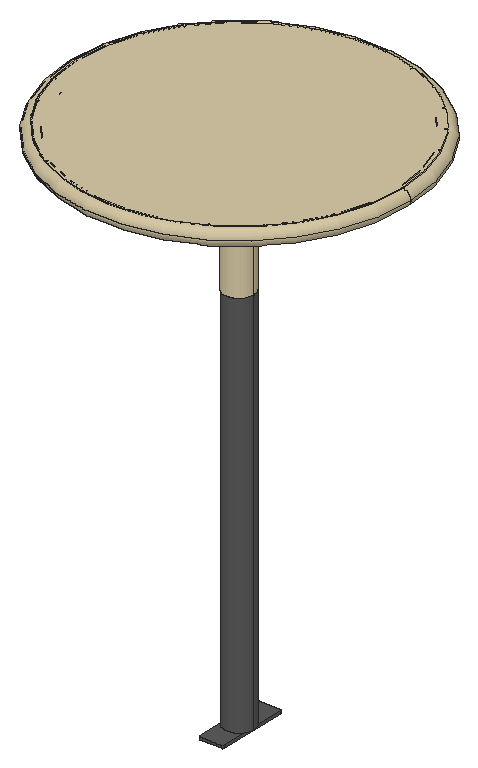
Revit family "1406-F", category Meble, Revit 2021
Family settings
  Numer OmniClass = 23.40.20.00
  Tytuł OmniClass = General Furniture and Specialties
  Oparty na płaszczyźnie roboczej = Nie
  Zawsze pionowo = Tak
  Tnij formami wycięć po wczytaniu = Nie
  Współdzielony = Nie
  Punkt obliczania pomieszczeń = Nie
Parameters (values of type "Sydhavn")
  metal = Mobilis Design RAL 1000
  Width = "70 cm"
  Weight = "25 kg"
  URL = ""
  Product Line = "Phoenix"
  Product Groups = ""
  Manufacturer = ""
  Keynote = ""
  Description = ""
  Model = "1406-F"
  Material = ""
  Maintenance = ""
  Lenght = "70 cm"
  Type Comments = ""
  Mobilis Design Materials = ""
  Hosted on = ""
  Height = "30 cm"
  Domyślna rzędna = 0 mm
  Copyright = "All designs and drawings are the common intellectual property of Lars Laj A/S and Tress and are protected by Danish and international copyright laws."
Reference planes
  plane 1: z = 0
  plane 2 "Środek (Lewa/Prawa)": x = 0
  plane 3 "Góra": z = 1062.347
  plane 4 "Środek": y = 257.204
Forms (mm)
  Extrusion 1, solid, material "Mobilis Design RAL 1000" <- "metal", not visible
    sketch origin (0, 0, 0) x (0, 1, 0) y (0, 0, 1)
      loop
        arc (71.187, 451.5) -> (57.045, 445.642) -> (51.187, 431.5) r 20
        line (51.187, 431.5) -> (51.187, 18.231)
        arc (51.187, 18.231) -> (56.527, 5.34) -> (69.418, 0) r 18.231
        line (69.418, 0) -> (153.638, 0) -> (153.638, 15) -> (448.638, 15) -> (448.638, 0) -> (527.023, 0)
        arc (527.023, 0) -> (542.307, 6.331) -> (548.638, 21.615) r 21.615
        line (548.638, 21.615) -> (548.638, 429.407)
        arc (548.638, 429.407) -> (542.168, 445.029) -> (526.545, 451.5) r 22.093
        line (526.545, 451.5) -> (71.187, 451.5)
    from 750.378 to 745
  Extrusion 2, solid, material "Mobilis Design RAL 1000" <- "metal", not visible
    sketch origin (0, 0, 0) x (0, 1, 0) y (0, 0, 1)
      loop
        line (548.638, 396.844) -> (629.375, 854.725) -> (601.836, 859.581)
        arc (601.836, 859.581) -> (585.224, 855.898) -> (576.082, 841.547) r 22.232
        line (576.082, 841.547) -> (507.306, 451.5) -> (526.545, 451.5)
        arc (526.545, 451.5) -> (542.168, 445.029) -> (548.638, 429.407) r 22.093
        line (548.638, 429.407) -> (548.638, 396.844)
    from 745 to 750.378
  Extrusion 3, solid, material "Mobilis Design RAL 1000" <- "metal"
    sketch origin (396.607, -18.452, 868.765) x (0, -1, 0) y (1, 0, 0)
      loop
        circle (-275.327, -399.004) r 30.15
      loop
        circle (-275.327, -399.004) r 28.15
    from -599.765 to -868.765
  Extrusion 4, solid, material "Painted Black"
    sketch origin (695.879, -21.874, 0) x (1, 0, 0) y (0, 1, 0)
      loop
        line (-722.97, 354.396) -> (-722.97, 210.396)
        arc (-722.97, 210.396) -> (-722.091, 208.274) -> (-719.97, 207.396) r 3
        line (-719.97, 207.396) -> (-675.97, 207.396)
        arc (-675.97, 207.396) -> (-673.849, 208.274) -> (-672.97, 210.396) r 3
        line (-672.97, 210.396) -> (-672.97, 354.396)
        arc (-672.97, 354.396) -> (-673.849, 356.517) -> (-675.97, 357.396) r 3
        line (-675.97, 357.396) -> (-719.97, 357.396)
        arc (-719.97, 357.396) -> (-722.091, 356.517) -> (-722.97, 354.396) r 3
    from -800 to -795
  Extrusion 5, solid, material "Painted Black"
    sketch origin (396.607, -17.202, 868.765) x (1, 0, 0) y (0, 1, 0)
      loop
        circle (-399.004, 275.327) r 30.15
      loop
        circle (-399.004, 275.327) r 28.15
    from -868.765 to -1663.765
  Extrusion 6, solid, material "Mobilis Design RAL 1000" <- "metal"
    sketch origin (581.466, 257.204, -150.938) x (-1, 0, 0) y (0, 0, 1)
      loop
        line (608.966, 447.188) -> (558.966, 447.188) -> (558.966, 417.188) -> (608.966, 417.188) -> (608.966, 447.188)
      loop
        line (606.966, 445.188) -> (560.966, 445.188) -> (560.966, 419.188) -> (606.966, 419.188) -> (606.966, 445.188)
    from -313.886 to 318.714
  Extrusion 7, solid, material "Kobenhagen RAL 5012", not visible
    sketch origin (-110.268, -19.702, 0) x (0, -1, 0) y (1, 0, 0)
      loop
        circle (-275.327, -399.004) r 30.15
      loop
        circle (-275.327, -399.004) r 28.15
    from 444.1 to 0
  Extrusion 8, solid, material "Kobenhagen RAL 5012", not visible
    sketch origin (239.004, -16.847, 0) x (1, 0, 0) y (0, 1, 0)
      loop
        line (-699.004, 325.327) -> (-799.004, 325.327) -> (-799.004, 225.327) -> (-699.004, 225.327) -> (-699.004, 325.327)
    from 447.05 to 443.488
  Extrusion 9, solid, material "Painted Black", not visible
    sketch origin (189.004, -23.124, 0) x (1, 0, 0) y (0, 1, 0)
      loop
        line (-722.97, 354.396) -> (-722.97, 210.396)
        arc (-722.97, 210.396) -> (-722.091, 208.274) -> (-719.97, 207.396) r 3
        line (-719.97, 207.396) -> (-675.97, 207.396)
        arc (-675.97, 207.396) -> (-673.849, 208.274) -> (-672.97, 210.396) r 3
        line (-672.97, 210.396) -> (-672.97, 354.396)
        arc (-672.97, 354.396) -> (-673.849, 356.517) -> (-675.97, 357.396) r 3
        line (-675.97, 357.396) -> (-719.97, 357.396)
        arc (-719.97, 357.396) -> (-722.091, 356.517) -> (-722.97, 354.396) r 3
    from -800 to -795
  Extrusion 10, solid, material "Painted Black", not visible
    sketch origin (-110.268, -18.452, 0) x (1, 0, 0) y (0, 1, 0)
      loop
        circle (-399.004, 275.327) r 30.15
      loop
        circle (-399.004, 275.327) r 28.15
    from 0 to -795
  Extrusion 11, solid, material "Mobilis Design RAL 1000" <- "metal"
    sketch origin (-5.756, 840.413, -150.938) x (0, -1, 0) y (0, 0, 1)
      loop
        line (608.966, 447.188) -> (558.966, 447.188) -> (558.966, 417.188) -> (608.966, 417.188) -> (608.966, 447.188)
      loop
        line (606.966, 445.188) -> (560.966, 445.188) -> (560.966, 419.188) -> (606.966, 419.188) -> (606.966, 445.188)
    from 21.334 to 313.987
  Extrusion 12, solid, material "Mobilis Design RAL 1000" <- "metal"
    sketch origin (5.756, 841.663, -150.938) x (0, -1, 0) y (0, 0, -1)
      loop
        line (608.966, -447.188) -> (608.966, -417.188) -> (558.966, -417.188) -> (558.966, -447.188) -> (608.966, -447.188)
      loop
        line (606.966, -445.188) -> (606.966, -419.188) -> (560.966, -419.188) -> (560.966, -445.188) -> (606.966, -445.188)
    from 14.744 to 307.1
  Extrusion 13, solid, material "Mobilis Design RAL 1000" <- "metal"
    sketch origin (0, 0, -350) x (1, 0, 0) y (0, 1, 0)
      loop
        circle (-3.444, 259.618) r 333.15
    from 647 to 650
  Sweep 14, solid, material "Mobilis Design RAL 1000" <- "metal"
    path origin (0, 0, 0) x (1, 0, 0) y (0, 1, 0)
      loop
        circle (-3.444, 259.618) r 333.15
    profile origin (-3.444, -73.532, 0) x (0, 1, 0) y (0, 0, 1)
      loop
        circle (0, 283.096) r 16.868
      loop
        circle (0.117, 283.18) r 15.694
Dimensions and locks
  aligned and locked: level to plane 1
